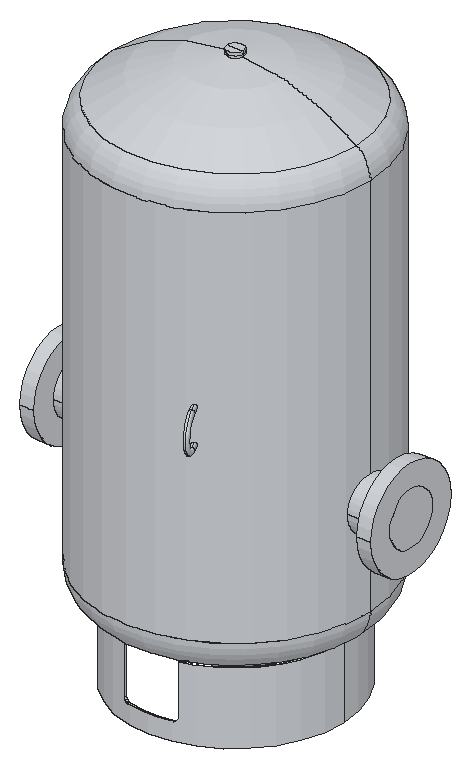
Revit family "CWBT200-6-125 and 150", category Mechanical Equipment, Revit 2014
Parameters (values of type "CWBT200-6-125 and 150")
  Tank Weight = "566 lbs"
  Tank Volume = "200 Gal"
  Tank Height = "62 3/8\""
  Tank Diameter = "30\""
  Note = "All dimensions and weights are approximate"
  Maximum Acceptance Volume = "N/A"
  Max Operating Temp = "450° F"
  Max Operating Pressure = "125 psi, of 150 psi (depending on model)"
  Connector Size = "6\""
Reference planes (in)
  plane 1 "Center (Front/Back)": y = 0
  plane 2: z = 0
  plane 3 "Center (Left/Right)": x = 0
Forms (in)
  Extrusion 1, solid
    sketch origin (0, 0, 0) x (1, 0, 0) y (0, 1, 0)
      loop
        circle (0, 0) r 12
      loop
        circle (0, 0) r 11.8125
    from 0 to 8
  Extrusion 2, void
    sketch origin (0, 0, 0) x (1, 0, 0) y (0, 0, 1)
      loop
        line (-3, 8) -> (-3, 2.5)
        arc (-3, 2.5) -> (-2.85355, 2.14645) -> (-2.5, 2) r 0.5
        line (-2.5, 2) -> (2.5, 2)
        arc (2.5, 2) -> (2.85355, 2.14645) -> (3, 2.5) r 0.5
        line (3, 2.5) -> (3, 8) -> (-3, 8)
    from 0 to 15
  Revolve 3, solid
    sketch origin (0, 0, 0) x (1, 0, 0) y (0, 0, 1)
      loop
        line (0, 62.94192) -> (0, 4.18208) -> (0.875, 4.18208) -> (0.875, 4.56044) -> (0.875, 4.69888)
        arc (0.875, 4.69888) -> (7.49527, 5.95598) -> (13.45419, 9.10233) r 22.68535
        arc (13.45419, 9.10233) -> (14.59127, 10.43367) -> (15, 12.13614) r 3.75
        line (15, 12.13614) -> (15, 54.98786)
        arc (15, 54.98786) -> (14.60324, 56.66664) -> (13.4969, 57.99018) r 3.75
        arc (13.4969, 57.99018) -> (7.52025, 61.15916) -> (0.875, 62.42544) r 22.69138
        line (0.875, 62.42544) -> (0.875, 62.69192) -> (0.875, 62.94192) -> (0, 62.94192)
      axis (0, 62.94192) -> (0, 4.18208)
    angle from 0 to 360
  Sweep 4, solid
    path origin (-1.13053, 2.57732, -13.00075) x (0.419116, -0.907933, 0) y (0, 0, 1)
      loop
        line (17.83546, 48.42089) -> (18.83546, 48.42089)
        arc (18.83546, 48.42089) -> (20.71046, 46.54589) -> (18.83546, 44.67089) r 1.875
        line (18.83546, 44.67089) -> (17.83546, 44.67089)
    profile origin (6.55415, -14.07005, 35.42014) x (0, 0, 1) y (-0.907933, -0.419116, 0)
      loop
        circle (0, 0) r 0.25
  Extrusion 5, solid
    sketch origin (0, 0, 0) x (0, 1, 0) y (0, 0, 1)
      loop
        circle (0, 23) r 5.5
    from 17.9375 to 19.5
  Extrusion 6, solid
    sketch origin (0, 0, 0) x (0, 1, 0) y (0, 0, 1)
      loop
        circle (0, 23) r 5.5
    from -17.9375 to -19.5
  Extrusion 7, solid
    sketch origin (0, 0, 0) x (0, 1, 0) y (0, 0, 1)
      loop
        circle (0, 23) r 2.928
    from 0 to -19.5
  Extrusion 8, solid
    sketch origin (0, 0, 0) x (0, 1, 0) y (0, 0, 1)
      loop
        circle (0, 23) r 2.928
    from 0 to 19.5
Cuts and joins
  Extrusion 2 cuts Extrusion 1
Dimensions and locks (in)
  Revolve 3 sketch curve to cut or joined group of Extrusion 1, Extrusion 2 = 5' - 2.42544"
  aligned and locked: level to plane 2
